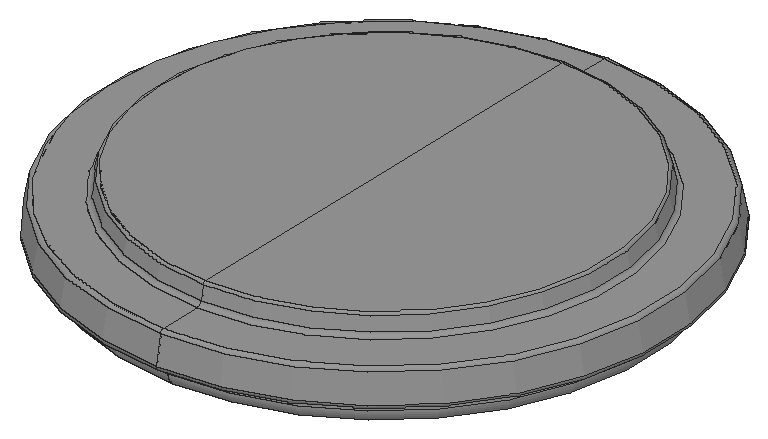
Revit family "FMK12_63_UN_Surface-mounted_ETK", category Lighting Fixtures, Revit 2017 (continued)
Definition of nested family "FMK.1 - Lightsource"
  Types (13, lengths in mm): name | Wattage Comments | Photometric Web File | built-in parameter 1150142 | Apparent Load
    FMK.1209.10 - Ø300x40 / 18W | "18W" | "FMK.1209.10.ies" | "IESNA:LM-63-2002\r\n[TEST] /2014\r\n[TESTLAB] ies2eulumdat.appspot.com\r\n[ISSUEDATE] 2021-06-16T09:02:18.810\r\n[MANUFAC] www.etk.nl\r\n[LUMCAT] FMK.1209.10\r\n[LUMINAIRE] FMK.1 LED 18W 3000/4000/5700K ø300 niet dimbaar\r\n[LAMPCAT] LED\r\n[LAMP] LED\r\nTILT=NONE\r\n1\t1710\t1\t46\t180\t1\t2\t-0.300\t-0.300\t0\r\n1.0\t1.0\t18.30\r\n0\t 2\t 4\t 6\t 8\t 10\t 12\t 14\t 16\t 18\r\n20\t 22\t 24\t 26\t 28\t 30\t 32\t 34\t 36\t 38\r\n40\t 42\t 44\t 46\t 48\t 50\t 52\t 54\t 56\t 58\r\n60\t 62\t 64\t 66\t 68\t 70\t 72\t 74\t 76\t 78\r\n80\t 82\t 84\t 86\t 88\t 90\r\n0\t 2\t 4\t 6\t 8\t 10\t 12\t 14\t 16\t 18\r\n20\t 22\t 24\t 26\t 28\t 30\t 32\t 34\t 36\t 38\r\n40\t 42\t 44\t 46\t 48\t 50\t 52\t 54\t 56\t 58\r\n60\t 62\t 64\t 66\t 68\t 70\t 72\t 74\t 76\t 78\r\n80\t 82\t 84\t 86\t 88\t 90\t 92\t 94\t 96\t 98\r\n100\t 102\t 104\t 106\t 108\t 110\t 112\t 114\t 116\t 118\r\n120\t 122\t 124\t 126\t 128\t 130\t 132\t 134\t 136\t 138\r\n140\t 142\t 144\t 146\t 148\t 150\t 152\t 154\t 156\t 158\r\n160\t 162\t 164\t 166\t 168\t 170\t 172\t 174\t 176\t 178\r\n180\t 182\t 184\t 186\t 188\t 190\t 192\t 194\t 196\t 198\r\n200\t 202\t 204\t 206\t 208\t 210\t 212\t 214\t 216\t 218\r\n220\t 222\t 224\t 226\t 228\t 230\t 232\t 234\t 236\t 238\r\n240\t 242\t 244\t 246\t 248\t 250\t 252\t 254\t 256\t 258\r\n260\t 262\t 264\t 266\t 268\t 270\t 272\t 274\t 276\t 278\r\n280\t 282\t 284\t 286\t 288\t 290\t 292\t 294\t 296\t 298\r\n300\t 302\t 304\t 306\t 308\t 310\t 312\t 314\t 316\t 318\r\n320\t 322\t 324\t 326\t 328\t 330\t 332\t 334\t 336\t 338\r\n340\t 342\t 344\t 346\t 348\t 350\t 352\t 354\t 356\t 358\r\n\r\n604.9325\t603.2919\t601.6514\t598.9367\t595.1481\t591.3474\t584.4074\t577.4673\t570.5271\t563.5989\r\n556.6589\t546.0716\t535.4844\t524.9091\t514.322\t503.7347\t489.8782\t476.0098\t462.1414\t448.2731\r\n434.4164\t417.5148\t400.6012\t383.6995\t366.7979\t349.8961\t330.7164\t311.5251\t292.3454\t273.1539\r\n253.9742\t234.7827\t215.6031\t196.4116\t177.2319\t158.0404\t0\t0\t0\t0\r\n0\t0\t0\t0\t0\t0\r\n604.9325\t603.303\t601.6736\t598.9672\t595.1776\t591.371\t584.4474\t577.518\t570.5942\t563.6772\r\n556.7804\t546.2089\t535.6382\t525.0562\t514.4711\t503.9096\t490.0793\t476.249\t462.4177\t448.5869\r\n434.7567\t417.8553\t400.9346\t384.014\t367.0954\t350.1887\t331.0138\t311.8383\t292.6629\t273.4839\r\n254.309\t235.1337\t215.9576\t196.7709\t177.5953\t158.8079\t0.4083\t0\t0\t0\r\n0\t0\t0\t0\t0\t0\r\n604.9325\t603.316\t601.6989\t599.0015\t595.1958\t591.3698\t584.4843\t577.5711\t570.6711\t563.7586\r\n556.8947\t546.3551\t535.7596\t525.1644\t514.5799\t504.0319\t490.2428\t476.4007\t462.5425\t448.6943\r\n434.9048\t418.0625\t401.1696\t384.2789\t367.3894\t350.5392\t331.4019\t312.225\t293.0468\t273.8823\r\n254.7052\t235.5402\t216.3663\t197.1991\t178.024\t160.3893\t1.6616\t0\t0\t0\r\n0\t0\t0\t0\t0\t0\r\n604.9325\t603.3306\t601.7275\t599.0433\t595.2312\t591.4156\t584.5657\t577.6625\t570.7544\t563.8431\r\n557.0019\t546.5201\t535.9272\t525.353\t514.7657\t504.264\t490.5226\t476.6557\t462.7667\t448.8924\r\n435.124\t418.3554\t401.4707\t384.5722\t367.6697\t350.8303\t331.7467\t312.5747\t293.4071\t274.2312\r\n255.0699\t235.9111\t216.7553\t197.6045\t178.4467\t162.6446\t3.8393\t0\t0\t0\r\n0\t0\t0\t0\t0\t0\r\n604.9325\t603.3467\t601.7784\t599.0852\t595.2744\t591.4839\t584.6789\t577.7818\t570.8609\t563.9373\r\n557.1543\t546.7354\t536.1372\t525.529\t514.8988\t504.4471\t490.789\t476.9063\t463.0292\t449.1418\r\n435.4474\t418.7539\t401.8361\t384.8952\t367.9622\t351.1523\t332.1531\t312.9933\t293.8363\t274.6741\r\n255.5041\t236.3482\t217.1967\t198.0491\t178.904\t165.4825\t7.0717\t0\t0\t0\r\n0\t0\t0\t0\t0\t0\r\n604.9325\t603.3646\t601.8109\t599.1301\t595.3254\t591.5822\t584.8149\t577.9154\t571.003\t564.0375\r\n557.2822\t546.9546\t536.3271\t525.6894\t515.0537\t504.6554\t491.1358\t477.2379\t463.3307\t449.4155\r\n435.7478\t419.1745\t402.2081\t385.2544\t368.2909\t351.5211\t332.6242\t313.4509\t294.2734\t275.1156\r\n255.9625\t236.8063\t217.6543\t198.5095\t179.3715\t168.6886\t11.5411\t0\t0\t0\r\n0\t0\t0\t0\t0\t0\r\n604.9325\t603.3841\t601.8434\t599.178\t595.3834\t591.6781\t584.976\t578.0752\t571.1133\t564.0963\r\n557.383\t547.1909\t536.5313\t525.8766\t515.2136\t504.8691\t491.4968\t477.5392\t463.5748\t449.6118\r\n435.9498\t419.5755\t402.6015\t385.6298\t368.6616\t351.9183\t333.1605\t313.9425\t294.7654\t275.5923\r\n256.4278\t237.2774\t218.1312\t198.9956\t179.8672\t172.0139\t17.4822\t0\t0\t0\r\n0\t0\t0\t0\t0\t0\r\n604.9325\t603.4053\t601.8759\t599.2285\t595.4497\t591.7812\t585.1731\t578.2085\t571.1927\t564.1664\r\n557.4629\t547.4497\t536.7769\t526.0887\t515.3685\t505.002\t491.8629\t477.8739\t463.8657\t449.8384\r\n436.2083\t420.1244\t403.1335\t386.0845\t369.0368\t352.2643\t333.7051\t314.4923\t295.2823\t276.0978\r\n256.9176\t237.7601\t218.6225\t199.4936\t180.379\t175.1597\t25.1927\t0\t0\t0\r\n0\t0\t0\t0\t0\t0\r\n604.9325\t603.4593\t601.9085\t599.2738\t595.5244\t591.9079\t585.3373\t578.316\t571.3136\t564.2514\r\n557.5412\t547.753\t537.0529\t526.317\t515.5469\t505.1567\t492.6884\t478.2212\t464.1752\t450.1642\r\n436.1336\t421.0943\t403.6156\t386.5209\t369.432\t352.3337\t334.5504\t315.0513\t295.836\t276.637\r\n257.4544\t238.29\t219.1493\t200.0199\t180.9108\t177.7292\t35.0259\t0\t0\t0\r\n0\t0\t0\t0\t0\t0\r\n604.9325\t603.4826\t601.941\t599.3319\t595.6075\t591.9952\t585.4602\t578.4838\t571.4702\t564.333\r\n557.6055\t548.1073\t537.3696\t526.5928\t515.7384\t504.8144\t493.0694\t478.6336\t464.5307\t450.3943\r\n436.2933\t421.64\t404.1436\t386.9492\t369.8193\t352.7072\t335.1677\t315.6771\t296.4365\t277.212\r\n258.007\t238.8258\t219.6743\t200.5397\t181.4425\t179.2574\t47.3991\t0\t0\t0\r\n0\t0\t0\t0\t0\t0\r\n604.9325\t603.5064\t601.9734\t599.3945\t595.7161\t592.0648\t585.6584\t578.7119\t571.6053\t564.412\r\n557.2136\t548.9435\t537.7363\t526.8513\t515.8959\t504.8997\t493.4258\t478.9823\t464.8596\t450.6873\r\n436.4267\t422.0138\t404.7199\t387.5204\t370.3217\t353.0976\t335.7436\t316.324\t297.0385\t277.7912\r\n258.567\t239.3682\t220.2087\t201.0815\t181.9832\t162.9148\t98.4026\t0\t0\t0\r\n0\t0\t0\t0\t0\t0\r\n604.9325\t603.5306\t602.0055\t599.4612\t595.8018\t592.0844\t585.9012\t578.9142\t571.7274\t564.5615\r\n557.281\t549.3317\t538.103\t527.1296\t516.0869\t504.9399\t493.7098\t479.4734\t465.2005\t450.9492\r\n436.7405\t422.5771\t405.4099\t388.0744\t370.7796\t353.4924\t336.2684\t316.9931\t297.6847\t278.4178\r\n259.1782\t239.9648\t220.7735\t201.6345\t182.5343\t163.481\t113.7595\t0\t0\t0\r\n0\t0\t0\t0\t0\t0\r\n604.9325\t603.5554\t602.0217\t599.532\t595.8866\t592.1561\t586.588\t579.0795\t571.9261\t564.708\r\n557.356\t549.6474\t538.4927\t527.425\t516.249\t505.0832\t494.0234\t479.9866\t465.7575\t451.3805\r\n437.0064\t422.8844\t406.0364\t388.6721\t371.3233\t353.9575\t336.8059\t317.7551\t298.3731\t279.0511\r\n259.7888\t240.5534\t221.3703\t202.2241\t183.1196\t164.0583\t128.3143\t0\t0\t0\r\n0\t0\t0\t0\t0\t0\r\n604.9325\t603.5809\t602.0558\t599.618\t595.9723\t592.2358\t586.8402\t579.3172\t572.1843\t564.8477\r\n557.415\t549.9086\t538.9015\t527.7199\t516.5471\t505.2607\t494.2777\t480.6872\t466.1976\t451.7399\r\n437.252\t422.7612\t407.2466\t389.4272\t371.966\t354.4582\t337.2243\t318.5243\t299.1108\t279.742\r\n260.4244\t241.1781\t221.9657\t202.8103\t183.7099\t164.6491\t141.3505\t0\t0\t0\r\n0\t0\t0\t0\t0\t0\r\n604.9325\t603.6071\t602.0912\t599.6912\t596.0451\t591.9798\t587.0148\t579.6483\t572.4109\t565.0026\r\n557.4889\t550.099\t539.3311\t528.166\t516.8776\t505.53\t494.0643\t481.5955\t466.7489\t452.2129\r\n437.6254\t423.0444\t408.0517\t390.1803\t372.5893\t355.0126\t337.4403\t319.5246\t299.8803\t280.4737\r\n261.1232\t241.8179\t222.5739\t203.4066\t184.3006\t165.2486\t152.0665\t0\t0\t0\r\n0\t0\t0\t0\t0\t0\r\n604.9325\t603.6338\t602.1279\t599.7642\t596.2915\t592.06\t587.2479\t579.9651\t572.6275\t565.1743\r\n557.5912\t550.1482\t539.9086\t528.6542\t517.2707\t505.7657\t494.0884\t482.1911\t467.4123\t452.7044\r\n438.0073\t423.2908\t408.632\t391.0308\t373.3713\t355.5458\t337.8389\t320.2515\t300.7003\t281.2121\r\n261.8325\t242.4922\t223.2123\t204.0069\t184.8961\t165.8551\t159.6039\t13.1538\t0\t0\r\n0\t0\t0\t0\t0\t0\r\n604.9325\t603.6611\t602.1659\t599.8376\t596.4054\t592.1391\t587.4977\t580.2805\t572.8868\t565.3787\r\n557.6678\t549.7361\t540.9527\t529.1771\t517.6731\t506.0008\t494.2758\t482.6381\t468.0299\t453.2316\r\n438.4194\t423.5879\t409.1603\t391.9077\t373.8445\t355.9972\t338.2732\t320.7969\t301.5855\t282.0214\r\n262.5566\t243.1786\t223.8823\t204.6641\t185.522\t166.4516\t162.8905\t31.8043\t0\t0\r\n0\t0\t0\t0\t0\t0\r\n604.9325\t603.6892\t602.2049\t599.908\t596.5241\t592.1992\t587.8004\t580.5758\t573.1764\t565.6227\r\n557.7326\t549.8042\t541.4288\t529.7323\t518.1144\t506.3438\t494.4987\t482.7908\t468.7329\t453.8508\r\n438.9175\t423.9507\t408.6493\t392.7359\t374.5174\t356.6496\t338.8317\t321.0335\t302.7194\t282.8805\r\n263.3626\t243.9028\t224.5481\t205.3141\t186.1662\t167.0952\t148.1118\t88.6377\t0\t0\r\n0\t0\t0\t0\t0\t0\r\n604.9325\t603.7179\t602.2449\t599.981\t596.652\t592.2995\t588.0109\t580.9296\t573.5102\t565.8506\r\n557.9219\t549.8881\t541.7121\t530.3743\t518.611\t506.7558\t494.6717\t482.47\t469.828\t454.5537\r\n439.4245\t424.0109\t408.6349\t393.3735\t375.3775\t357.3866\t339.435\t321.5173\t303.5607\t283.7689\r\n264.1651\t244.6733\t225.2874\t205.9828\t186.7886\t167.711\t148.7442\t112.1139\t0\t0\r\n0\t0\t0\t0\t0\t0\r\n604.9325\t603.7473\t602.2856\t600.0568\t596.7719\t592.4179\t588.1719\t581.3183\t573.9078\t566.0743\r\n558.1389\t549.9635\t541.9262\t531.0335\t519.2162\t507.1698\t494.9265\t482.6333\t470.329\t455.2483\r\n439.8147\t424.3822\t408.9232\t393.7403\t376.3501\t358.2294\t340.1252\t322.0395\t304.2025\t284.7408\r\n265.0668\t245.4539\t225.9736\t206.6463\t187.4435\t168.3603\t149.3849\t130.4101\t0\t0\r\n0\t0\t0\t0\t0\t0\r\n604.9325\t603.7776\t602.3343\t600.133\t596.8924\t592.5514\t588.2573\t582.1028\t574.2915\t566.3966\r\n558.3966\t550.0391\t541.4961\t532.1224\t519.854\t507.633\t495.3114\t482.8481\t470.4815\t456.3368\r\n440.5157\t424.9232\t409.2495\t393.6295\t377.6559\t359.1366\t340.8577\t322.656\t304.5206\t285.931\r\n265.9183\t246.2694\t226.7385\t207.3469\t188.0877\t168.9899\t150.0335\t142.1012\t0.9237\t0\r\n0\t0\t0\t0\t0\t0\r\n604.9325\t603.8087\t602.2411\t600.2093\t597.0138\t592.7089\t587.9814\t582.506\t574.6544\t566.7889\r\n558.6686\t550.1973\t541.4544\t532.5851\t520.5561\t508.2392\t495.7924\t483.0495\t470.1335\t457.1163\r\n441.3228\t425.5219\t409.7509\t393.9106\t378.232\t360.1469\t341.7391\t323.3504\t304.9773\t286.7673\r\n266.8982\t247.1147\t227.4881\t208.0586\t188.7792\t169.6606\t150.6879\t131.866\t21.4679\t0\r\n0\t0\t0\t0\t0\t0\r\n604.9325\t603.8407\t602.2844\t600.2854\t597.1426\t592.8591\t588.0729\t582.907\t575.0998\t567.2089\r\n558.9621\t550.3823\t541.4848\t532.7997\t521.7716\t508.9483\t496.2748\t483.3245\t470.3834\t457.4768\r\n442.2022\t426.336\t410.3521\t394.239\t378.1528\t361.5855\t342.6871\t324.0744\t305.6064\t287.3619\r\n267.8645\t248.0216\t228.3498\t208.8257\t189.4682\t170.3025\t151.3323\t132.5387\t80.029\t0\r\n0\t0\t0\t0\t0\t0\r\n604.9325\t603.8733\t602.3299\t600.3607\t597.2661\t593.1545\t588.1843\t583.2018\t575.6055\t567.6783\r\n559.3106\t550.6007\t541.5686\t532.3163\t522.4808\t509.7479\t496.8485\t483.8597\t470.6669\t457.2136\r\n443.4699\t427.2526\t410.9944\t394.713\t378.4457\t362.2796\t343.7493\t325.0072\t306.2591\t287.6577\r\n269.0839\t249.009\t229.1809\t209.5733\t190.2093\t170.9954\t151.9889\t133.1871\t107.1195\t0\r\n0\t0\t0\t0\t0\t0\r\n604.9325\t603.907\t602.3776\t600.435\t597.3875\t593.3208\t588.3223\t583.4193\t576.5313\t568.1743\r\n559.709\t550.8685\t541.7588\t532.2517\t522.878\t510.5737\t497.5582\t484.484\t471.0737\t457.3263\r\n443.9663\t428.2466\t411.8005\t395.3788\t378.7305\t362.2173\t345.2416\t325.9593\t307.1037\t288.3016\r\n269.7515\t250.003\t230.1332\t210.3898\t190.9169\t171.6613\t152.6389\t133.8373\t123.7799\t0\r\n0\t0\t0\t0\t0\t0\r\n604.9325\t603.9123\t602.428\t600.501\t597.5056\t593.4861\t588.4837\t583.5425\t577.0344\t568.7101\r\n560.1512\t551.1686\t541.9813\t532.3519\t522.4772\t511.7762\t498.5257\t485.22\t471.4735\t457.7046\r\n443.7031\t429.415\t412.8677\t396.0261\t379.2618\t362.4764\t345.8916\t327.1753\t308.035\t288.9915\r\n270.1463\t251.2322\t231.0663\t211.2373\t191.6472\t172.3408\t153.2921\t134.4874\t115.9236\t9.2138\r\n0\t0\t0\t0\t0\t0\r\n604.9325\t603.9481\t602.4812\t600.5742\t597.6202\t593.653\t588.668\t583.3077\t577.4581\t569.2983\r\n560.6533\t551.5767\t542.2042\t532.5113\t522.3616\t512.2177\t499.5876\t486.0776\t472.1462\t458.1519\r\n443.8695\t429.876\t414.2071\t396.917\t379.9187\t362.8675\t345.8321\t328.6051\t309.1102\t289.916\r\n270.7523\t251.9617\t232.0644\t212.1103\t192.4343\t173.0323\t153.9173\t135.1018\t116.562\t65.7955\r\n0\t0\t0\t0\t0\t0\r\n604.9325\t603.9852\t602.5371\t600.6467\t597.73\t593.8172\t588.8736\t583.4583\t577.7772\t570.2819\r\n561.2111\t552.1325\t542.5577\t532.7343\t522.3727\t511.8663\t500.9199\t486.9213\t472.9747\t458.7217\r\n444.2496\t429.5691\t414.7964\t398.0122\t380.7816\t363.4509\t346.0825\t328.8111\t310.4213\t290.8883\r\n271.5384\t252.3269\t233.2419\t213.0364\t193.2161\t173.736\t154.5864\t135.7567\t117.2044\t96.1475\r\n0\t0\t0\t0\t0\t0\r\n604.9325\t604.0236\t602.596\t600.7186\t597.8194\t593.9774\t589.2292\t583.6201\t577.9865\t570.7992\r\n561.8256\t552.71\t543.0652\t533.0169\t522.502\t511.8678\t501.241\t488.4687\t473.9436\t459.4936\r\n444.832\t429.7247\t414.7044\t399.4139\t381.8032\t364.1979\t346.6042\t329.0336\t311.6354\t292.1036\r\n272.4601\t253.0354\t233.7628\t214.0337\t194.1035\t174.5269\t155.255\t136.3516\t117.8305\t109.9048\r\n0\t0\t0\t0\t0\t0\r\n604.9325\t604.0637\t602.658\t600.789\t597.9215\t594.1325\t589.4529\t583.8272\t577.7627\t571.1951\r\n562.8118\t553.2917\t543.6239\t533.3822\t522.7915\t511.9619\t500.5541\t489.0998\t475.0948\t460.4654\r\n445.4767\t430.3017\t414.8994\t399.3696\t383.2919\t365.1943\t347.3191\t329.4129\t311.6006\t293.6303\r\n273.6308\t253.85\t234.3543\t215.1938\t195.0532\t175.2777\t155.9455\t136.9913\t118.4168\t100.2246\r\n10.9351\t0\t0\t0\t0\t0\r\n604.9325\t604.1049\t602.7234\t600.8579\t598.021\t594.2782\t589.6773\t584.0732\t577.9255\t571.4711\r\n563.458\t554.0039\t544.2463\t533.8777\t523.2306\t512.1995\t500.5102\t488.6583\t476.4436\t461.6248\r\n446.3237\t431.0595\t415.3954\t399.5376\t383.6965\t366.7259\t348.2364\t330.1152\t311.8732\t293.8363\r\n275.1387\t254.8952\t235.1611\t215.6652\t196.0554\t176.1444\t156.6456\t137.594\t119.0254\t100.8532\r\n68.8785\t0\t0\t0\t0\t0\r\n604.9325\t604.3797\t602.795\t600.7955\t598.1176\t594.4184\t589.9421\t584.4807\t578.1293\t571.2717\r\n564.0225\t555.1365\t544.9684\t534.4889\t523.7521\t512.5133\t500.6805\t488.5879\t476.1182\t463.0735\r\n447.6366\t431.9684\t416.1152\t399.9456\t383.6989\t367.3767\t349.5599\t330.9731\t312.5046\t294.0321\r\n275.9095\t256.218\t236.1048\t216.3684\t197.0093\t177.0397\t157.4158\t138.2701\t119.6169\t101.4035\r\n91.2126\t0\t0\t0\t0\t0\r\n604.9325\t604.4205\t602.8672\t600.8728\t598.211\t594.5549\t590.1569\t584.7672\t578.3807\t571.4627\r\n564.3113\t555.8405\t545.7988\t535.2615\t524.3877\t512.92\t501.0143\t488.7096\t476.0305\t462.7583\r\n449.2912\t433.217\t417.0958\t400.713\t384.1708\t367.2088\t350.6545\t332.2272\t313.392\t294.5441\r\n275.8683\t257.4578\t237.4149\t217.2362\t197.4869\t178.1427\t158.2694\t138.9226\t120.2106\t101.9885\r\n84.2445\t0\t0\t0\t0\t0\r\n604.9325\t604.4609\t602.9426\t600.9571\t598.301\t594.685\t590.3595\t585.0141\t578.795\t571.7158\r\n564.1432\t556.2603\t546.8908\t536.205\t525.1774\t513.5407\t501.5676\t489.0287\t476.1442\t462.6532\r\n448.9921\t434.8922\t418.416\t401.8982\t384.7929\t367.6136\t350.3325\t333.3151\t314.6323\t295.4577\r\n276.336\t257.5068\t238.7779\t218.4036\t198.3424\t178.728\t159.174\t139.7342\t120.8004\t102.4847\r\n84.7775\t45.5539\t0\t0\t0\t0\r\n604.9325\t604.5006\t603.0216\t601.0606\t598.3865\t594.8079\t590.54\t585.2417\t579.0807\t572.1467\r\n564.4011\t556.1409\t547.4037\t537.4374\t526.1369\t514.3405\t502.2658\t489.5783\t476.4823\t462.9105\r\n448.8591\t434.6232\t420.0685\t403.4046\t385.7751\t368.4205\t350.8718\t333.1656\t315.607\t296.8929\r\n277.2305\t257.8752\t238.7581\t219.918\t199.4756\t179.4703\t160.1376\t140.5119\t121.4449\t103.0157\r\n85.2703\t74.215\t0\t0\t0\t0\r\n604.9325\t604.5394\t603.1042\t601.1584\t598.3492\t594.9234\t590.7019\t585.451\t579.3531\t572.4943\r\n564.7651\t556.3877\t547.3688\t538.0224\t527.3866\t515.3535\t503.115\t490.3931\t476.9994\t463.303\r\n449.0547\t434.4994\t419.6921\t404.5604\t387.5106\t369.5539\t351.7313\t333.6797\t315.5431\t297.2741\r\n278.797\t258.7661\t239.2377\t219.9717\t200.9556\t180.5254\t160.6648\t141.5044\t122.1648\t103.5896\r\n85.7592\t68.6221\t0\t0\t0\t0\r\n604.9325\t604.5773\t603.1902\t601.2632\t598.4516\t595.0092\t590.8464\t585.643\t579.6101\t572.8202\r\n565.325\t556.7647\t547.6995\t538.0024\t527.9437\t516.6478\t504.4938\t491.4266\t477.8344\t463.9221\r\n449.6332\t434.78\t419.7115\t403.8594\t387.7921\t371.4508\t353.0947\t334.6903\t316.1395\t297.631\r\n278.8793\t260.2808\t240.1353\t220.3427\t201.0312\t181.9801\t161.6499\t142.0644\t123.0333\t104.2161\r\n86.2409\t69.0879\t15.2173\t0\t0\t0\r\n604.9325\t604.6141\t603.2798\t601.3757\t598.5679\t594.9853\t590.9493\t585.8192\t579.8489\t573.1198\r\n565.7109\t557.3403\t548.3007\t538.393\t527.9435\t517.2634\t505.3927\t492.933\t478.9816\t464.8927\r\n450.474\t435.4187\t420.1142\t403.9636\t387.6809\t371.1777\t354.5307\t336.6039\t317.3934\t298.4472\r\n279.3102\t260.28\t241.3379\t221.3309\t201.4226\t182.0109\t163.0786\t142.9823\t123.7395\t104.974\r\n86.81\t69.5539\t58.969\t0\t0\t0\r\n604.9325\t604.6498\t603.6043\t601.4957\t598.6984\t595.1135\t590.9331\t585.9739\t580.0893\t573.3916\r\n566.0512\t557.7504\t548.7954\t539.0648\t528.4009\t517.3472\t505.5605\t493.6743\t480.4541\t466.4352\r\n451.5987\t436.4298\t420.8587\t404.6187\t388.0855\t371.2381\t354.0167\t336.6193\t319.1551\t299.9255\r\n280.4523\t260.8892\t241.3921\t222.136\t202.5984\t182.4131\t163.0718\t144.3638\t124.5764\t105.7842\r\n87.4272\t70.0349\t53.7077\t0\t0\t0\r\n604.9325\t604.6844\t603.6946\t601.6237\t598.8432\t595.2649\t591.0743\t585.9936\t580.2878\t573.6051\r\n566.3212\t558.1173\t549.2219\t539.5715\t529.1248\t518.0448\t506.0844\t493.7649\t480.7344\t467.3507\r\n453.0676\t438.029\t422.0569\t405.7673\t388.9954\t371.8917\t354.386\t336.673\t318.7419\t300.4149\r\n282.1798\t262.3184\t242.4052\t222.5131\t202.8279\t183.5184\t163.5632\t144.2653\t1
